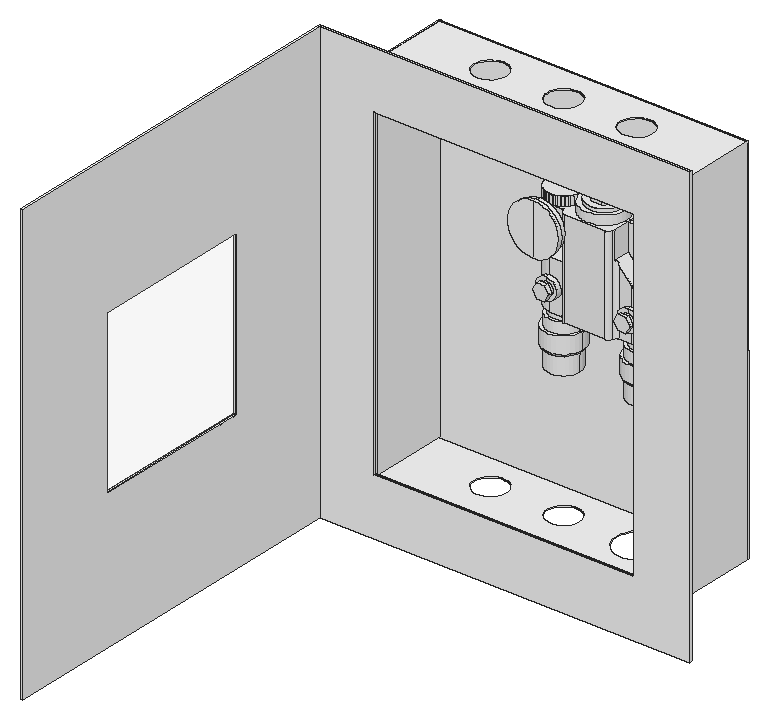
Revit family "Emergency_Valve-Tepid-SV125", category Pipe Accessories, Revit 2016
Family settings
  Part Type = Valve - Breaks Into
  Round Connector Dimension = Use Radius
  OmniClass Number = 23.65.55.14.17
  OmniClass Title = Adjusting/Controlling Valves for Liquid Services
  Work Plane-Based = No
  Always vertical = Yes
  Cut with Voids When Loaded = No
  Shared = No
Parameters (values of type "PIPED VALVE, CHROME PLATED, REC CAB BWE - CABINET RECESSED - BAKED WHITE ENAMEL")
  Version = "2016-v1.0a"  # constant formula
  Valve Material = Metal - Stingray - Chrome Plated
  URL = "https://www.tepid.com"
  Temp. Range = "70°F-90°F"  # constant formula
  RO [instance] = if(and(Cabinet Recessed, Open), 1 = 1, 1 = 0)  # yes
  RC [instance] = if(and(Cabinet Recessed, not(Open)), 1 = 1, 1 = 0)  # no
  Product Page URL = "https://www.tepid.com/products/sv125rb/?k"
  Product Name = "ThermostaticMixing Valve"
  Product Documentation Link = "https://www.tepid.com/wp-content/uploads/SpSh-SV125.pdf"
  Option = 3
  Open [instance] = yes
  Nominal Radius = 5/8"  # constant formula
  Nominal Diameter = Nominal Radius * 2  # 1 1/4"
  Model = "SV125  PIPED VALVE, CHROME PLATED, REC CAB BWE - CABINET RECESSED - BAKED WHITE ENAMEL"
  Manufacturer = "Stingray Systems"  # constant formula
  K Coefficient = 3.5
  Flow Rate Maximum = 25 GPM  # constant formula
  Flow Rate = 2 GPM  # constant formula
  EO [instance] = if(and(Cabinet Exposed, Open), 1 = 1, 1 = 0)  # no
  EC [instance] = if(and(Cabinet Exposed, not(Open)), 1 = 1, 1 = 0)  # no
  Dimension Disclaimer = "Dimensions are ±0.50”. Design and specifications are subject to change without notice."  # constant formula
  Cabinet Recessed = if(Option = 1, 1 = 0, if(Option = 2, 1 = 0, if(Option = 3, 1 = 1, 1 = 0)))  # yes
  Cabinet Material = Paint - Stingray - Baked White Enamel
  Cabinet Exposed = if(Option = 1, 1 = 0, if(Option = 2, 1 = 1, if(Option = 3, 1 = 0, 1 = 0)))  # no
  CC = if(Cabinet Exposed, 1 = 1, if(Cabinet Recessed, 1 = 1, 1 = 0))  # yes
  Body Length = 0' - 11 5/32"  # constant formula
Types (10): name | Valve Material | RO | Option | Model | EO | Cabinet Recessed | Cabinet Material | Cabinet Exposed | CC
  PIPED VALVE, ROUGH BRASS | Metal - Stingray - Rough Bronze | no | 1 | "SV125  PIPED VALVE, ROUGH BRASS" | no | no | Paint - Stingray - Baked White Enamel | no | no
  PIPED VALVE, CHROME PLATED | Metal - Stingray - Chrome Plated | no | 1 | "SV125  PIPED VALVE, CHROME PLATED" | no | no | Paint - Stingray - Baked White Enamel | no | no
  PIPED VALVE, ROUGH BRASS, EXP CAB BWE - CABINET EXPOSED - BAKED WHITE ENAMEL | Metal - Stingray - Rough Bronze | no | 2 | "SV125  PIPED VALVE, ROUGH BRASS, EXP CAB BWE - CABINET EXPOSED - BAKED WHITE ENAMEL" | yes | no | Paint - Stingray - Baked White Enamel | yes | yes
  PIPED VALVE, CHROME PLATED, EXP CAB BWE - CABINET EXPOSED - BAKED WHITE ENAMEL | Metal - Stingray - Chrome Plated | no | 2 | "SV125  PIPED VALVE, CHROME PLATED, EXP CAB BWE - CABINET EXPOSED - BAKED WHITE ENAMEL" | yes | no | Paint - Stingray - Baked White Enamel | yes | yes
  PIPED VALVE, ROUGH BRASS, EXP CAB SS - CABINET EXPOSED - STAINLESS STEEL | Metal - Stingray - Rough Bronze | no | 2 | "SV125  PIPED VALVE, ROUGH BRASS, EXP CAB SS - CABINET EXPOSED - STAINLESS STEEL" | yes | no | Metal - Stingray - Stainless Steel SS | yes | yes
  PIPED VALVE, CHROME PLATED, EXP CAB SS - CABINET EXPOSED - STAINLESS STEEL | Metal - Stingray - Chrome Plated | no | 2 | "SV125  PIPED VALVE, CHROME PLATED, EXP CAB SS - CABINET EXPOSED - STAINLESS STEEL" | yes | no | Metal - Stingray - Stainless Steel SS | yes | yes
  PIPED VALVE, ROUGH BRASS, REC CAB BWE - CABINET RECESSED - BAKED WHITE ENAMEL | Metal - Stingray - Rough Bronze | yes | 3 | "SV125  PIPED VALVE, ROUGH BRASS, REC CAB BWE - CABINET RECESSED - BAKED WHITE ENAMEL" | no | yes | Paint - Stingray - Baked White Enamel | no | yes
  PIPED VALVE, CHROME PLATED, REC CAB BWE - CABINET RECESSED - BAKED WHITE ENAMEL | Metal - Stingray - Chrome Plated | yes | 3 | "SV125  PIPED VALVE, CHROME PLATED, REC CAB BWE - CABINET RECESSED - BAKED WHITE ENAMEL" | no | yes | Paint - Stingray - Baked White Enamel | no | yes
  PIPED VALVE, ROUGH BRASS, REC CAB SS - CABINET RECESSED - STAINLESS STEEL | Metal - Stingray - Rough Bronze | yes | 3 | "SV125  PIPED VALVE, ROUGH BRASS, REC CAB SS - CABINET RECESSED - STAINLESS STEEL" | no | yes | Metal - Stingray - Stainless Steel SS | no | yes
  PIPED VALVE, CHROME PLATED, REC CAB SS - CABINET RECESSED - STAINLESS STEEL | Metal - Stingray - Chrome Plated | yes | 3 | "SV125  PIPED VALVE, CHROME PLATED, REC CAB SS - CABINET RECESSED - STAINLESS STEEL" | no | yes | Metal - Stingray - Stainless Steel SS | no | yes
Reference planes (in)
  plane 1 "Center (Front/Back)": y = 0
  plane 2: z = 0
  plane 3 "Center (Left/Right)": x = 0
  plane 4: x = -3.55001
  plane 5: x = 3.55001
  plane 6: z = 11.15625
  plane 7: x = -2.5
  plane 8: x = 2.5
  plane 9: z = 3.41
  plane 10: z = 9.91
  plane 11: z = 6.81625
Forms (in)
  Revolve 1, solid, material "Metal - Stingray - Chrome Plated" <- "Valve Material", detail levels fine
    sketch origin (0, 0, 0) x (1, 0, 0) y (0, 0, 1)
      loop
        line (-2.5, 0) -> (-2.5, 3.41) -> (-3.32506, 3.41) -> (-3.32506, 2.955) -> (-3.51476, 2.955) -> (-3.51476, 2.28) -> (-3.69259, 2.28) -> (-3.69259, 1.25085) -> (-3.51476, 1.06014) -> (-3.51476, 0) -> (-2.5, 0)
      axis (-2.5, 0) -> (-2.5, 3.41)
    angle from 0 to 360
  Revolve 2, solid, material "Metal - Stingray - Chrome Plated" <- "Valve Material", detail levels fine
    sketch origin (5, 0, 0) x (1, 0, 0) y (0, 0, 1)
      loop
        line (-2.5, 0) -> (-2.5, 3.41) -> (-3.32506, 3.41) -> (-3.32506, 2.955) -> (-3.51476, 2.955) -> (-3.51476, 2.28) -> (-3.69259, 2.28) -> (-3.69259, 1.25085) -> (-3.51476, 1.06014) -> (-3.51476, 0) -> (-2.5, 0)
      axis (-2.5, 0) -> (-2.5, 3.41)
    angle from 0 to 360
  Extrusion 3, solid, material "Metal - Stingray - Chrome Plated" <- "Valve Material", detail levels fine
    sketch origin (0, 0, 0) x (1, 0, 0) y (0, 1, 0)
      loop
        line (1.25, 1.5) -> (-1.25, 1.5)
        arc (-1.25, 1.5) -> (-1.41772, 1.43538) -> (-1.4987, 1.27492) r 0.24994
        arc (-1.4987, 1.27492) -> (-1.5798, 1.11457) -> (-1.74749, 1.05) r 0.25006
        line (-1.74749, 1.05) -> (-2.5, 1.05)
        arc (-2.5, 1.05) -> (-3.55, 0) -> (-2.5, -1.05) r 1.05
        line (-2.5, -1.05) -> (-1.74749, -1.05)
        arc (-1.74749, -1.05) -> (-1.5798, -1.11457) -> (-1.4987, -1.27492) r 0.25006
        arc (-1.4987, -1.27492) -> (-1.41772, -1.43538) -> (-1.25, -1.5) r 0.24994
        line (-1.25, -1.5) -> (1.25, -1.5)
        arc (1.25, -1.5) -> (1.41772, -1.43538) -> (1.4987, -1.27492) r 0.24994
        arc (1.4987, -1.27492) -> (1.5798, -1.11457) -> (1.74749, -1.05) r 0.25006
        line (1.74749, -1.05) -> (2.5, -1.05)
        arc (2.5, -1.05) -> (3.55, 0) -> (2.5, 1.05) r 1.05
        line (2.5, 1.05) -> (1.74749, 1.05)
        arc (1.74749, 1.05) -> (1.5798, 1.11457) -> (1.4987, 1.27492) r 0.25006
        arc (1.4987, 1.27492) -> (1.41772, 1.43538) -> (1.25, 1.5) r 0.24994
    from 3.41 to 9.36
  Extrusion 4, void
    sketch origin (0, 0, 0) x (1, 0, 0) y (0, 0, 1)
      loop
        line (1.56, 7.73184) -> (2.61881, 6.47) -> (4.41119, 6.47) -> (4.41119, 10.20251) -> (1.34836, 10.20251) -> (1.34836, 9.36) -> (1.56, 9.36) -> (1.56, 7.73184)
    from -3.14905 to 12
  Extrusion 5, void
    sketch origin (2.56, 0, -0.89478) x (1, 0, 0) y (0, 0, 1)
      loop
        line (-8.36001, 8.50478) -> (-8.36001, 7.30478) -> (-4.00176, 7.30478) -> (-4.00176, 8.50478) -> (-8.36001, 8.50478)
    from -3.60549 to 3.82029
  Extrusion 6, solid, material "Metal - Stingray - Chrome Plated" <- "Valve Material", detail levels fine
    sketch origin (0, 0, 0) x (1, 0, 0) y (0, 0, 1)
      loop
        line (2, 9.36) -> (1.09004, 9.36) -> (1.09004, 6.07799) -> (3.06083, 6.07799) -> (3.06083, 6.81) -> (2.46083, 6.81) -> (2.46083, 7.31) -> (3.06083, 7.31) -> (3.06083, 7.6) -> (2, 8.36) -> (2, 9.36)
    from -0.125 to 0.125
  Extrusion 7, solid, material "Metal - Stingray - Chrome Plated" <- "Valve Material", detail levels fine
    sketch origin (0, 0, 0) x (1, 0, 0) y (0, 1, 0)
      loop
        line (-0.34641, 0.6) -> (-0.69282, 0) -> (-0.34641, -0.6) -> (0.34641, -0.6) -> (0.69282, 0) -> (0.34641, 0.6) -> (-0.34641, 0.6)
    from 9.91 to 11.151
  Extrusion 8, solid, material "Metal - Stingray - Chrome Plated" <- "Valve Material", detail levels fine
    sketch origin (0, 0, 0) x (1, 0, 0) y (0, 1, 0)
      loop
        circle (0, 0) r 1.06878
    from 9.36 to 10.09
  Extrusion 9, solid, material "Metal - Stingray - Chrome Plated" <- "Valve Material", detail levels fine
    sketch origin (0, 0, 0) x (1, 0, 0) y (0, 1, 0)
      loop
        arc (-1.523, 0.38561) -> (-3.55018, 0.01864) -> (-1.5373, -0.42004) r 1.05034
        arc (-1.5373, -0.42004) -> (-1.41067, -0.33713) -> (-1.28403, -0.42004) r 0.13817
        arc (-1.28403, -0.42004) -> (1.35089, 0.01557) -> (-1.29336, 0.39034) r 1.35098
        arc (-1.29336, 0.39034) -> (-1.40658, 0.31006) -> (-1.523, 0.38561) r 0.12358
    from 9.36 to 9.91
  Revolve 10, solid, material "Metal - Stingray - Chrome Plated" <- "Valve Material", detail levels fine
    sketch origin (-2.5, 0, 0) x (0, 1, 0) y (0, 0, 1)
      loop
        line (-1.5437, 4.81) -> (-0.5, 4.81) -> (-0.5, 5.46092) -> (-1.35, 5.46092) -> (-1.35, 5.22231) -> (-1.5437, 5.22231) -> (-1.5437, 4.81)
      axis (-0.5, 4.81) -> (-1.5437, 4.81)
    angle from 0 to 360
  Revolve 11, solid, material "Metal - Stingray - Chrome Plated" <- "Valve Material", detail levels fine
    sketch origin (2.5, 0, 0) x (0, 1, 0) y (0, 0, 1)
      loop
        line (-1.5437, 4.81) -> (-0.5, 4.81) -> (-0.5, 5.46092) -> (-1.35, 5.46092) -> (-1.35, 5.22231) -> (-1.5437, 5.22231) -> (-1.5437, 4.81)
      axis (-0.5, 4.81) -> (-1.5437, 4.81)
    angle from 0 to 360
  Extrusion 12, solid, material "Metal - Stingray - Chrome Plated" <- "Valve Material", detail levels fine
    sketch origin (0, 0, 0) x (1, 0, 0) y (0, 0, 1)
      loop
        line (-2.24597, 5.25) -> (-2.75403, 5.25) -> (-3.00807, 4.81) -> (-2.75403, 4.37) -> (-2.24597, 4.37) -> (-1.99193, 4.81) -> (-2.24597, 5.25)
    from 1.5437 to 1.7637
  Extrusion 13, solid, material "Metal - Stingray - Chrome Plated" <- "Valve Material", detail levels fine
    sketch origin (5, 0, 0) x (1, 0, 0) y (0, 0, 1)
      loop
        line (-2.24597, 5.25) -> (-2.75403, 5.25) -> (-3.00807, 4.81) -> (-2.75403, 4.37) -> (-2.24597, 4.37) -> (-1.99193, 4.81) -> (-2.24597, 5.25)
    from 1.5437 to 1.7637
  Revolve 14, solid, material "Metal - Stingray - Chrome Plated" <- "Valve Material", detail levels fine
    sketch origin (-2.5, 0, 0) x (0, 1, 0) y (0, 0, 1)
      loop
        line (-2.35, 8.51546) -> (-0.7546, 8.51546) -> (-0.7546, 9.1602) -> (-1.35, 9.1602) -> (-1.35, 8.92722) -> (-1.50987, 8.92722) -> (-1.50987, 9.01798) -> (-1.76, 9.01798) -> (-1.76, 9.9803) -> (-2.13, 9.9803) -> (-2.13, 10.09003) -> (-2.35, 10.09003) -> (-2.35, 8.51546)
      axis (-0.7546, 8.51546) -> (-2.35, 8.51546)
    angle from 0 to 360
  Extrusion 15, solid, material "Paint - Stingray - Baked White Enamel" <- "Cabinet Material", visible <- "CC"
    sketch origin (0, 0, 0) x (1, 0, 0) y (0, 0, 1)
      loop
        line (-12, 14.6675) -> (-12, -8.3325) -> (7, -8.3325) -> (7, 14.6675) -> (-12, 14.6675)
      loop
        line (-11.95, 14.6175) -> (-11.95, -8.2825) -> (6.95, -8.2825) -> (6.95, 14.6175) -> (-11.95, 14.6175)
    from -2.31 to 4.44
  Extrusion 16, solid, material "Paint - Stingray - Baked White Enamel" <- "Cabinet Material", visible <- "CC"
    sketch origin (0, 0, 0) x (1, 0, 0) y (0, 0, 1)
      loop
        line (-12, 14.6675) -> (-12, -8.3325) -> (7, -8.3325) -> (7, 14.6675) -> (-12, 14.6675)
    from -2.31 to -2.26
  Extrusion 17, solid, material "Paint - Stingray - Baked White Enamel" <- "Cabinet Material", visible <- "CC"
    sketch origin (0, 0, 0) x (1, 0, 0) y (0, 0, 1)
      loop
        line (-12, 14.6675) -> (-12, -8.3325) -> (7, -8.3325) -> (7, 14.6675) -> (-12, 14.6675)
      loop
        line (5.5, -6.8325) -> (5.5, 13.1675) -> (-10.5, 13.1675) -> (-10.5, -6.8325) -> (5.5, -6.8325)
    from 4.39 to 4.44
  Extrusion 18, solid, material "Paint - Stingray - White", visible <- "EC"
    sketch origin (0, 0, 0) x (1, 0, 0) y (0, 0, 1)
      loop
        line (4.88, 13.0475) -> (-10.5, 13.0475) -> (-10.5, -6.7125) -> (4.88, -6.7125)
        arc (4.88, -6.7125) -> (5.23355, -6.56605) -> (5.38, -6.2125) r 0.5
        line (5.38, -6.2125) -> (5.38, 12.5475)
        arc (5.38, 12.5475) -> (5.23355, 12.90105) -> (4.88, 13.0475) r 0.5
      loop
        line (-7.5, 9.4175) -> (-7.5, -0.5825) -> (2.5, -0.5825) -> (2.5, 9.4175) -> (-7.5, 9.4175)
    from 3.89 to 4.39
  Extrusion 19, solid, material "Glass - Stingray - Clear", visible <- "EC"
    sketch origin (0, 0, 0) x (1, 0, 0) y (0, 0, 1)
      loop
        line (-7.5, 9.4175) -> (-7.5, -0.5825) -> (2.5, -0.5825) -> (2.5, 9.4175) -> (-7.5, 9.4175)
    from 4.34 to 4.44
  Extrusion 20, void
    sketch origin (0, 0, 0) x (1, 0, 0) y (0, 1, 0)
      loop
        circle (-7.0041, 0) r 1
      loop
        circle (-2.5041, 0) r 1
      loop
        circle (1.9959, 0) r 1
    from 14.00646 to 36
  Extrusion 21, void
    sketch origin (0, 0, 0) x (1, 0, 0) y (0, 1, 0)
      loop
        circle (2.23884, 0) r 1.5
      loop
        circle (-2.5, 0) r 1
      loop
        circle (-7.01886, 0) r 1
    from -7.58817 to -15.43288
  Extrusion 22, solid, material "Paint - Stingray - Baked White Enamel" <- "Cabinet Material", visible <- "RC"
    sketch origin (0, 0, 0) x (1, 0, 0) y (0, 0, 1)
      loop
        line (8.9375, 16.6675) -> (-13.9375, 16.6675) -> (-13.9375, -10.3325) -> (8.9375, -10.3325) -> (8.9375, 16.6675)
      loop
        line (-7.5, 8.1675) -> (-7.5, -1.8325) -> (2.5, -1.8325) -> (2.5, 8.1675) -> (-7.5, 8.1675)
    from 4.72 to 4.44
  Extrusion 23, solid, material "Glass - Stingray - Clear", visible <- "RC"
    sketch origin (0, 0, 0) x (1, 0, 0) y (0, 0, 1)
      loop
        line (-7.5, 8.1675) -> (-7.5, -1.8325) -> (2.5, -1.8325) -> (2.5, 8.1675) -> (-7.5, 8.1675)
    from 4.64087 to 4.72
  Extrusion 24, solid, material "Paint - Stingray - Baked White Enamel" <- "Cabinet Material", visible <- "RO"
    sketch origin (0, 0, 0) x (1, 0, 0) y (0, 0, 1)
      loop
        line (8.9375, 16.6675) -> (-13.9375, 16.6675) -> (-13.9375, -10.3325) -> (8.9375, -10.3325) -> (8.9375, 16.6675)
      loop
        line (-10.5, 13.1675) -> (-10.5, -6.8325) -> (5.5, -6.8325) -> (5.5, 13.1675) -> (-10.5, 13.1675)
    from 4.58008 to 4.44
  Extrusion 25, solid, material "Paint - Stingray - Baked White Enamel" <- "Cabinet Material", visible <- "RO"
    sketch origin (-9.2175, -18.51758, 0) x (0, -1, 0) y (0, 0, 1)
      loop
        line (8.9375, 16.6675) -> (-13.9375, 16.6675) -> (-13.9375, -10.3325) -> (8.9375, -10.3325) -> (8.9375, 16.6675)
      loop
        line (-7.5, 8.1675) -> (-7.5, -1.8325) -> (2.5, -1.8325) -> (2.5, 8.1675) -> (-7.5, 8.1675)
    from 4.72 to 4.5798
  Extrusion 26, solid, material "Paint - Stingray - White", visible <- "EO"
    sketch origin (-6.11, -15.08008, 0) x (0, -1, 0) y (0, 0, 1)
      loop
        line (4.88, 13.0475) -> (-10.5, 13.0475) -> (-10.5, -6.7125) -> (4.88, -6.7125)
        arc (4.88, -6.7125) -> (5.23355, -6.56605) -> (5.38, -6.2125) r 0.5
        line (5.38, -6.2125) -> (5.38, 12.5475)
        arc (5.38, 12.5475) -> (5.23355, 12.90105) -> (4.88, 13.0475) r 0.5
      loop
        line (-7.5, 9.4175) -> (-7.5, -0.5825) -> (2.5, -0.5825) -> (2.5, 9.4175) -> (-7.5, 9.4175)
    from 3.89 to 4.39
  Extrusion 27, solid, material "Glass - Stingray - Clear", visible <- "EO"
    sketch origin (-6.11, -15.08008, 0) x (0, -1, 0) y (0, 0, 1)
      loop
        line (-7.5, 9.4175) -> (-7.5, -0.5825) -> (2.5, -0.5825) -> (2.5, 9.4175) -> (-7.5, 9.4175)
    from 4.34 to 4.39
  Extrusion 28, solid, material "Glass - Stingray - Clear", visible <- "RO"
    sketch origin (-9.2175, -18.51758, 0) x (0, -1, 0) y (0, 0, 1)
      loop
        line (-7.5, 8.1675) -> (-7.5, -1.8325) -> (2.5, -1.8325) -> (2.5, 8.1675) -> (-7.5, 8.1675)
    from 4.64087 to 4.72
  Extrusion 29, solid, material "Metal - Stingray - Chrome Plated" <- "Valve Material", detail levels fine
    sketch origin (0, 0, 0) x (1, 0, 0) y (0, 1, 0)
      loop
        circle (-2.5, 0) r 1.05034
    from 9.36 to 9.91
Cuts and joins
  Extrusion 4, Extrusion 5 cuts Extrusion 3
  Extrusion 20, Extrusion 21 cuts Extrusion 15
Lines and regions (in)
  symbolic lines
    curve 1: line (-2.5, 1.05, 0) -> (-2.5, -1.05, 0)
  model lines, detail levels coarse+medium
    curve 2: line (-3.55001, 0, 6.81625) -> (0, 0, 3.41)
    curve 3: line (0, 0, 3.41) -> (-3.55001, 0, 0)
    curve 4: line (-3.55001, 0, 0) -> (-3.55001, 0, 6.81625)
    curve 5: line (3.55001, 0, 6.81625) -> (0, 0, 3.41)
    curve 6: line (3.55001, 0, 0) -> (0, 0, 3.41)
    curve 7: line (3.55001, 0, 6.81625) -> (3.55001, 0, 0)
Dimensions and locks (in)
  equal spacing: plane 5, plane 3 "Center (Left/Right)", plane 4
  plane 5 to plane 4 = 0' - 7.10002"
  "Body Length": plane 6 to level
  aligned and locked: Revolve 1 sketch curve to plane 7
Automatic sketch dimensions
  curve 1 to plane 7 = 0' - 0"
  plane 1 "Center (Front/Back)" to curve 1 = 0' - 1.05"
  curve 1 to plane 1 "Center (Front/Back)" = 0' - 1.05"
  curve 2 to plane 4 = 0' - 0"
  curve 2 to plane 3 "Center (Left/Right)" = 0' - 0"
  curve 6 to level = 0' - 0"
  plane 5 to curve 6 = 0' - 0"
  curve 4 to level = 0' - 0"
  curve 6 to plane 9 = 0' - 0"
  curve 4 to plane 11 = 0' - 0"
  curve 5 to plane 11 = 0' - 0"
  Revolve 1 sketch curve to level = 0' - 0"
  Revolve 1 sketch curve to plane 9 = 0' - 0"
  plane 7 to Revolve 1 sketch curve = 0' - 0"
  plane 4 to Revolve 1 sketch curve = 0' - 0.22495"
  plane 4 to Revolve 1 sketch curve = 0' - 0.03525"  (x2)
  Revolve 1 sketch curve to plane 4 = 0' - 0.14258"
  level to Revolve 1 sketch curve = 0' - 1.06014"
  Revolve 1 sketch curve to Revolve 1 sketch curve = 0' - 0.1907"
  Revolve 1 sketch curve to Revolve 1 sketch curve = 0' - 1.02915"
  Revolve 1 sketch curve to plane 9 = 0' - 0.455"
  Revolve 1 sketch curve to Revolve 1 sketch curve = 0' - 3.07922"
  plane 6 to Revolve 1 sketch curve = 0' - 6.09121"
  Revolve 2 sketch curve to level = 0' - 0"
  Revolve 2 sketch curve to plane 9 = 0' - 0"
  Revolve 2 sketch curve to plane 8 = 0' - 0"  (x2)
  Revolve 2 sketch curve to plane 8 = 0' - 0.82506"
  Revolve 2 sketch curve to Revolve 2 sketch curve = 0' - 1.01476"
  Revolve 2 sketch curve to Revolve 2 sketch curve = 0' - 0.1897"
  Revolve 2 sketch curve to Revolve 2 sketch curve = 0' - 0.17783"
  level to Revolve 2 sketch curve = 0' - 1.06014"
  Revolve 2 sketch curve to Revolve 2 sketch curve = 0' - 0.1907"
  Revolve 2 sketch curve to Revolve 2 sketch curve = 0' - 1.02915"
  Revolve 2 sketch curve to plane 9 = 0' - 0.455"
  Revolve 2 sketch curve to Revolve 2 sketch curve = 0' - 3.07922"
  plane 6 to Revolve 2 sketch curve = 0' - 6.09121"
  plane 1 "Center (Front/Back)" to Extrusion 3 sketch curve = 0' - 0"  (x2)
  Extrusion 3 sketch curve to plane 8 = 0' - 0"  (x2)
  Extrusion 3 sketch curve to plane 8 = 0' - 0.75251"  (x2)
  Extrusion 3 sketch curve to Extrusion 3 sketch curve = 0' - 0.49749"  (x4)
  Extrusion 3 sketch curve to plane 3 "Center (Left/Right)" = 0' - 1 1/4"  (x2)
  plane 7 to Extrusion 3 sketch curve = 0' - 0"
  plane 1 "Center (Front/Back)" to Extrusion 3 sketch curve = 0' - 1.05"  (x2)
  Extrusion 3 sketch curve to Extrusion 3 sketch curve = 0' - 0.20006"  (x4)
  Extrusion 3 sketch curve to Extrusion 3 sketch curve = 0' - 0.25006"  (x4)
  Extrusion 3 sketch curve to Extrusion 3 sketch curve = 0' - 0.24994"  (x2)
  Extrusion 4 sketch curve to plane 10 = 0' - 0.55"
  Extrusion 4 sketch curve to plane 8 = 0' - 1.15164"
  Extrusion 4 sketch curve to Extrusion 4 sketch curve = 0' - 0.21164"
  plane 8 to Extrusion 4 sketch curve = 0' - 0.11881"
  plane 10 to Extrusion 4 sketch curve = 0' - 0.29251"
  Extrusion 4 sketch curve to plane 5 = 0' - 0.86118"
  plane 11 to Extrusion 4 sketch curve = 0' - 0.91559"
  Extrusion 4 sketch curve to plane 11 = 0' - 0.34625"
  plane 11 to Extrusion 5 sketch curve = 0' - 0.79375"
  Extrusion 5 sketch curve to plane 4 = 0' - 2 1/4"
  Extrusion 5 sketch curve to plane 11 = 0' - 0 13/32"
  Extrusion 5 sketch curve to plane 7 = 0' - 1.05824"
  plane 3 "Center (Left/Right)" to Extrusion 6 sketch curve = 0' - 1.09004"
  Extrusion 6 sketch curve to plane 8 = 0' - 0 1/2"
  Extrusion 6 sketch curve to plane 8 = 0' - 0.03917"
  plane 5 to Extrusion 6 sketch curve = 0' - 0.48918"  (x2)
  Extrusion 6 sketch curve to plane 11 = 0' - 0.73826"
  Extrusion 6 sketch curve to plane 11 = 0' - 0.00625"
  plane 11 to Extrusion 6 sketch curve = 0' - 0.49375"
  Extrusion 6 sketch curve to Extrusion 6 sketch curve = 0' - 0.29"
  Extrusion 6 sketch curve to Extrusion 6 sketch curve = 0' - 1.05"
  Extrusion 6 sketch curve to plane 10 = 0' - 0.55"
  plane 1 "Center (Front/Back)" to Extrusion 7 sketch curve = 0' - 0"  (x2)
  Extrusion 7 sketch curve to plane 3 "Center (Left/Right)" = 0' - 0.69282"
  Extrusion 7 sketch curve to plane 3 "Center (Left/Right)" = 0' - 0.34641"  (x2)
  plane 3 "Center (Left/Right)" to Extrusion 7 sketch curve = 0' - 0.34641"  (x2)
  Extrusion 7 sketch curve to Extrusion 7 sketch curve = 0' - 0.34641"
  plane 1 "Center (Front/Back)" to Extrusion 7 sketch curve = 0' - 0.6"
  Extrusion 7 sketch curve to plane 1 "Center (Front/Back)" = 0' - 0.6"
  plane 1 "Center (Front/Back)" to Extrusion 8 sketch curve = 0' - 0"
  Extrusion 8 sketch curve to plane 3 "Center (Left/Right)" = 0' - 0"
  plane 1 "Center (Front/Back)" to Extrusion 9 sketch curve = 0' - 0"  (x2)
  Extrusion 9 sketch curve to plane 7 = 0' - 0"
  Extrusion 9 sketch curve to plane 3 "Center (Left/Right)" = 0' - 0"
  plane 1 "Center (Front/Back)" to Extrusion 9 sketch curve = 0' - 0.4753"
  Extrusion 9 sketch curve to plane 7 = 0' - 1.08934"
  Extrusion 9 sketch curve to plane 1 "Center (Front/Back)" = 0' - 0 111/256"
  Extrusion 9 sketch curve to Extrusion 9 sketch curve = 0' - 0.00154"
  Extrusion 9 sketch curve to Extrusion 9 sketch curve = 0' - 0.12664"  (x2)
  Extrusion 9 sketch curve to Extrusion 9 sketch curve = 0' - 0"
  Extrusion 9 sketch curve to Extrusion 9 sketch curve = 0' - 0.11388"
  Extrusion 9 sketch curve to Extrusion 9 sketch curve = 0' - 0.11576"
  plane 1 "Center (Front/Back)" to Revolve 10 sketch curve = 0' - 1.5437"
  Revolve 10 sketch curve to Revolve 10 sketch curve = 0' - 0.1937"
  plane 1 "Center (Front/Back)" to Revolve 10 sketch curve = 0' - 0 1/2"
  plane 9 to Revolve 10 sketch curve = 0' - 1.4"
  Revolve 10 sketch curve to Revolve 10 sketch curve = 0' - 0.41231"
  Revolve 10 sketch curve to Revolve 10 sketch curve = 0' - 0.65092"
  Revolve 10 sketch curve to Revolve 10 sketch curve = 0' - 0.73953"
  Revolve 10 sketch curve to Revolve 10 sketch curve = 0' - 0 1/4"
  Revolve 10 sketch curve to Revolve 10 sketch curve = 0' - 0"
  plane 1 "Center (Front/Back)" to Revolve 11 sketch curve = 0' - 1.5437"
  Revolve 11 sketch curve to Revolve 11 sketch curve = 0' - 0.1937"
  plane 1 "Center (Front/Back)" to Revolve 11 sketch curve = 0' - 0 1/2"
  plane 9 to Revolve 11 sketch curve = 0' - 1.4"
  Revolve 11 sketch curve to Revolve 11 sketch curve = 0' - 0.41231"
  Revolve 11 sketch curve to Revolve 11 sketch curve = 0' - 0.65092"
  Revolve 11 sketch curve to Revolve 11 sketch curve = 0' - 0.73953"
  Revolve 11 sketch curve to Revolve 11 sketch curve = 0' - 0 1/4"
  Revolve 11 sketch curve to Revolve 11 sketch curve = 0' - 0"
  plane 7 to Extrusion 12 sketch curve = 0' - 0.50807"
  plane 7 to Extrusion 12 sketch curve = 0' - 0.25403"  (x2)
  Extrusion 12 sketch curve to plane 7 = 0' - 0.25403"  (x2)
  Extrusion 12 sketch curve to plane 7 = 0' - 0.50807"
  plane 9 to Extrusion 12 sketch curve = 0' - 0.96"
  Extrusion 12 sketch curve to Extrusion 12 sketch curve = 0' - 0.44"  (x3)
  Extrusion 13 sketch curve to plane 8 = 0' - 0.50807"
  Extrusion 13 sketch curve to plane 8 = 0' - 0.25403"  (x2)
  plane 8 to Extrusion 13 sketch curve = 0' - 0.25403"  (x2)
  plane 8 to Extrusion 13 sketch curve = 0' - 0.50807"
  plane 9 to Extrusion 13 sketch curve = 0' - 0.96"
  Extrusion 13 sketch curve to Extrusion 13 sketch curve = 0' - 0.44"  (x3)
  plane 10 to Revolve 14 sketch curve = 0' - 0.18003"
  plane 1 "Center (Front/Back)" to Revolve 14 sketch curve = 0' - 2.35"
  plane 10 to Revolve 14 sketch curve = 0' - 0 9/128"
  Revolve 14 sketch curve to Revolve 14 sketch curve = 0' - 0.22"
  Revolve 14 sketch curve to Revolve 14 sketch curve = 0' - 0.59"
  Revolve 14 sketch curve to Revolve 14 sketch curve = 0' - 0.25013"
  Revolve 14 sketch curve to Revolve 14 sketch curve = 0' - 0.15987"
  Revolve 14 sketch curve to Revolve 14 sketch curve = 0' - 0.5954"
  Revolve 14 sketch curve to plane 10 = 0' - 0.7498"
  Revolve 14 sketch curve to Revolve 14 sketch curve = 0' - 0.14222"
  Revolve 14 sketch curve to Revolve 14 sketch curve = 0' - 0.09075"
  Revolve 14 sketch curve to Revolve 14 sketch curve = 0' - 0.64474"
  Revolve 14 sketch curve to Revolve 14 sketch curve = 0' - 0.40768"
  plane 1 "Center (Front/Back)" to Revolve 14 sketch curve = 0' - 0.30591"
  Revolve 14 sketch curve to Revolve 14 sketch curve = 0' - 0"
  Extrusion 15 sketch curve to plane 4 = 0' - 8.44999"
  Extrusion 15 sketch curve to Extrusion 15 sketch curve = 0' - 0.05"  (x4)
  Extrusion 15 sketch curve to plane 5 = 0' - 3.39999"
  Extrusion 15 sketch curve to level = 0' - 8.3325"
  plane 6 to Extrusion 15 sketch curve = 0' - 3.46125"
  Extrusion 16 sketch curve to plane 4 = 0' - 8.44999"
  Extrusion 16 sketch curve to plane 5 = 0' - 3.44999"
  Extrusion 16 sketch curve to level = 0' - 8.3325"
  plane 6 to Extrusion 16 sketch curve = 0' - 3.51125"
  Extrusion 17 sketch curve to plane 4 = 0' - 8.44999"
  Extrusion 17 sketch curve to Extrusion 17 sketch curve = 0' - 1 1/2"  (x4)
  Extrusion 17 sketch curve to plane 5 = 0' - 1.94999"
  Extrusion 17 sketch curve to level = 0' - 8.3325"
  plane 6 to Extrusion 17 sketch curve = 0' - 2.01125"
  Extrusion 18 sketch curve to plane 8 = 0' - 0"
  Extrusion 18 sketch curve to plane 10 = 0' - 0.4925"
  Extrusion 18 sketch curve to plane 4 = 0' - 3.94999"
  plane 6 to Extrusion 18 sketch curve = 0' - 1.89125"
  Extrusion 18 sketch curve to Extrusion 18 sketch curve = 0' - 3"
  Extrusion 18 sketch curve to plane 5 = 0' - 1.32999"  (x2)
  Extrusion 18 sketch curve to Extrusion 18 sketch curve = 0' - 0 1/2"
  Extrusion 18 sketch curve to level = 0' - 0.5825"
  Extrusion 18 sketch curve to Extrusion 18 sketch curve = 0' - 5.63"
  Extrusion 19 sketch curve to plane 8 = 0' - 0"
  Extrusion 19 sketch curve to plane 10 = 0' - 0.4925"
  Extrusion 19 sketch curve to plane 4 = 0' - 3.94999"
  Extrusion 19 sketch curve to level = 0' - 0.5825"
  plane 1 "Center (Front/Back)" to Extrusion 20 sketch curve = 0' - 0"  (x3)
  Extrusion 20 sketch curve to plane 4 = 0' - 3.45409"
  plane 7 to Extrusion 20 sketch curve = 0' - 0.0041"
  Extrusion 20 sketch curve to plane 8 = 0' - 0.5041"
  plane 1 "Center (Front/Back)" to Extrusion 21 sketch curve = 0' - 0"  (x3)
  Extrusion 21 sketch curve to plane 7 = 0' - 0"
  Extrusion 21 sketch curve to plane 4 = 0' - 3.46885"
  Extrusion 21 sketch curve to plane 8 = 0' - 0.26116"
  Extrusion 22 sketch curve to plane 8 = 0' - 0"
  plane 11 to Extrusion 22 sketch curve = 0' - 1.35125"
  Extrusion 22 sketch curve to plane 4 = 0' - 3.94999"
  Extrusion 22 sketch curve to plane 4 = 0' - 10.38749"
  Extrusion 22 sketch curve to plane 5 = 0' - 5.38749"
  Extrusion 22 sketch curve to level = 0' - 1.8325"
  Extrusion 22 sketch curve to level = 0' - 10.3325"
  plane 6 to Extrusion 22 sketch curve = 0' - 5.51125"
  Extrusion 23 sketch curve to plane 8 = 0' - 0"
  plane 11 to Extrusion 23 sketch curve = 0' - 1.35125"
  Extrusion 23 sketch curve to plane 4 = 0' - 3.94999"
  Extrusion 23 sketch curve to level = 0' - 1.8325"
  Extrusion 24 sketch curve to plane 4 = 0' - 10.38749"
  Extrusion 24 sketch curve to Extrusion 24 sketch curve = 0' - 3 7/16"  (x2)
  Extrusion 24 sketch curve to plane 5 = 0' - 1.94999"
  Extrusion 24 sketch curve to level = 0' - 10.3325"
  Extrusion 24 sketch curve to Extrusion 24 sketch curve = 0' - 3 1/2"  (x2)
  plane 6 to Extrusion 24 sketch curve = 0' - 2.01125"
  plane 1 "Center (Front/Back)" to Extrusion 25 sketch curve = 0' - 4.58008"
  Extrusion 25 sketch curve to level = 0' - 1.8325"
  Extrusion 25 sketch curve to Extrusion 25 sketch curve = 0' - 6 7/16"  (x2)
  plane 11 to Extrusion 25 sketch curve = 0' - 1.35125"
  Extrusion 25 sketch curve to Extrusion 25 sketch curve = 0' - 10"
  Extrusion 25 sketch curve to level = 0' - 10.3325"
  plane 6 to Extrusion 25 sketch curve = 0' - 5.51125"
  plane 6 to Extrusion 26 sketch curve = 0' - 1.89125"
  plane 1 "Center (Front/Back)" to Extrusion 26 sketch curve = 0' - 4.58008"
  Extrusion 26 sketch curve to level = 0' - 0.5825"
  Extrusion 26 sketch curve to Extrusion 26 sketch curve = 0' - 3"
  Extrusion 26 sketch curve to plane 10 = 0' - 0.4925"
  Extrusion 26 sketch curve to Extrusion 26 sketch curve = 0' - 10"
  Extrusion 26 sketch curve to Extrusion 26 sketch curve = 0' - 2.38"  (x2)
  plane 6 to Extrusion 26 sketch curve = 0' - 1.39125"
  Extrusion 26 sketch curve to Extrusion 26 sketch curve = 0' - 5.63"
  Extrusion 27 sketch curve to level = 0' - 0.5825"
  plane 1 "Center (Front/Back)" to Extrusion 27 sketch curve = 0' - 7.58008"
  Extrusion 27 sketch curve to Extrusion 27 sketch curve = 0' - 10"
  Extrusion 27 sketch curve to plane 10 = 0' - 0.4925"
  Extrusion 28 sketch curve to level = 0' - 1.8325"
  plane 1 "Center (Front/Back)" to Extrusion 28 sketch curve = 0' - 11.01758"
  Extrusion 28 sketch curve to Extrusion 28 sketch curve = 0' - 10"
  plane 11 to Extrusion 28 sketch curve = 0' - 1.35125"
  plane 1 "Center (Front/Back)" to Extrusion 29 sketch curve = 0' - 0"
  Extrusion 29 sketch curve to plane 7 = 0' - 0"
  radius of Extrusion 8 sketch curve = 0' - 1.06878"
  radius of Extrusion 20 sketch curve = 0' - 1"  (x3)
  radius of Extrusion 21 sketch curve = 0' - 1 1/2"
  radius of Extrusion 21 sketch curve = 0' - 1"  (x2)
  radius of Extrusion 29 sketch curve = 0' - 1.05034"
Connectors (in)
  piping at (-2.5, 0, 0), diameter 1.25, driven by "Nominal Radius"
    settings: on Revolve 1, index 1, connector inside diameter 24", connector length 0' - 0", flow factor 0, pipe flow 0 GPM, pressure drop 0.00 psi, fitting loss kfactor 0, connector angle 0.00°, fixture units 0, engagement length 0' - 0", angle of deflection 0.00°, flow configuration 0, flow direction 0, fitting loss method 0, system type 28, joint type 0, gender type 0, connector reference index -1, connector utility 0, adjustable connector no, is connector primary yes, connector description ""
  piping at (2.5, 0, 0), diameter 1.25, driven by "Nominal Radius"
    settings: on Revolve 2, index 2, connector inside diameter 24", connector length 0' - 0", flow factor 0, pipe flow 0 GPM, pressure drop 0.00 psi, fitting loss kfactor 0, connector angle 0.00°, fixture units 0, engagement length 0' - 0", angle of deflection 0.00°, flow configuration 0, flow direction 0, fitting loss method 0, system type 28, joint type 0, gender type 0, connector reference index -1, connector utility 0, adjustable connector no, is connector primary no, connector description ""
  piping at (-2.5, 0, 9.91), diameter 1.25, driven by "Nominal Radius"
    settings: on Extrusion 29, index 3, connector inside diameter 24", connector length 0' - 0", flow factor 0, pipe flow 0 GPM, pressure drop 0.00 psi, fitting loss kfactor 0, connector angle 0.00°, fixture units 0, engagement length 0' - 0", angle of deflection 0.00°, flow configuration 0, flow direction 0, fitting loss method 0, system type 28, joint type 0, gender type 0, connector reference index -1, connector utility 0, adjustable connector no, is connector primary no, connector description ""
Types in the file's own list only (2): name | Nominal Radius | Nominal Diameter | Model | Cabinet Material
  PIPED VALVE, CHROME PLATED, EXP CAB SS - CABINET RECESSED - STAINLESS STEEL | 1" | 1" | "SV125  PIPED VALVE, CHROME PLATED, EXP CAB SS - CABINET EXPOSED - STAINLESS STEEL" | Metal - Stingray - Stainless Steel SS
  PIPED VALVE, CHROME PLATED, REC CAB BWE - CABINET EXPOSED - BAKED WHITE ENAMEL | 1" | 1" | "SV125  PIPED VALVE, CHROME PLATED, REC CAB BWE - CABINET RECESSED - BAKED WHITE ENAMEL" | Paint - Stingray - Baked White Enamel
